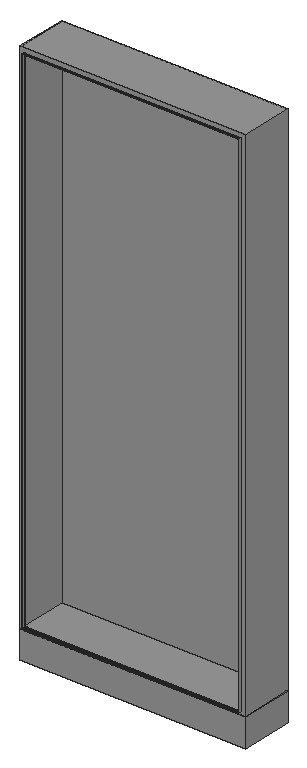
Revit family "Hager-Univers-IP30-D205-H1950-Cl.II-Encl-NoHosted-CH-it", category Electrical Equipment, Revit 2020
Family settings
  Panel Configuration = Two Columns, Circuits Across
  Round Connector Dimension = Use Diameter
  Part Type = Panelboard
  Work Plane-Based = Yes
  Always vertical = Yes
  Cut with Voids When Loaded = No
  Shared = No
  Room Calculation Point = No
Parameters (values of type "montaggio a pavimento IP30 L800 A1950 P205  - FP23S1N")
  Width Control [instance] = if([EF000008 - Larghezza] > Min Width, [EF000008 - Larghezza], Min Width)  # 800 mm
  Type Comments = [HG000003 - Gamma]  # "Univers"
  Thickness Door [instance] = if([EF009171 - spessore materiale porta/coperchio] > 3 mm, 3 mm, [EF009171 - spessore materiale porta/coperchio])  # 1 mm
  Seal Frame Offset [instance] = 17 mm  # constant formula
  Plinth Visibility [instance] = [HG000027 - Altezza dello zoccolo] > 0 mm  # yes
  Min Width [instance] = 100 mm  # constant formula
  Min Depth [instance] = (2 * [EF009170 - spessore materiale scatola]) + 1 mm  # 3 mm
  Min Height [instance] = 100 mm  # constant formula
  Internal Frame Depth [instance] = (Door System Depth * 0.5)  # 9 mm
  Panel Name [instance] = ""  # (empty or 0)
  Model = ""
  HG000027 - Altezza dello zoccolo = 100 mm
  HG000026 - A pavimento = yes
  HG000024 - Altezza della sezione inferiore = 600 mm
  HG000023 - Custodia a doppia sezione = no
  HG000016 - Visibilità delle porte nella vista 3D [instance] = yes
  HG000015 - Visibilità attraverso la porta [instance] = no
  HG000014 - Porta destra [instance] = yes
  HG000013 - Porta sinistra [instance] = not([HG000014 - Porta destra])  # no
  HG000012 - Angolo di apertura della porta [instance] = 30.00°
  HG000010 - Porte asimmetriche = no
  HG000009 - Porta doppia a battente = no
  HG000006 - Ad incasso = no
  HG000004 - Codice produttore = "FP23S1N"
  HG000003 - Gamma = "Univers"
  HG000002 - Con porta = no
  Frame Offset Bottom [instance] = 10 mm  # constant formula
  Frame Offset [instance] = 15 mm  # constant formula
  EF015940 - Coprire con rilascio di sovrapressione = no
  EF011959 - tipo di protezione (NEMA) = ""
  EF009554 - numero delle aperture per la piastra della flangia = 6
  EF009212 - esecuzione coperchio = "EV009916 - con taglio"
  EF009171 - spessore materiale porta/coperchio = 1 mm
  EF009170 - spessore materiale scatola = 1 mm
  EF008873 - corrente nominale (In) = 400 A
  EF007800 - adatto per parafulmine = no
  EF006306 - con serratura = no
  EF006244 - coperchio/porta trasparente = no
  EF005474 - grado di protezione (IP) = "EV006410 - IP30"
  EF004464 - tipo di porta = "EV000494 - senza"
  EF004427 - numero di moduli = 432
  EF004293 - resistenza agli urti = "EV006813 - IK07"
  EF003532 - adatto per uso esterno = no
  EF002950 - Numero moduli DIN = 36
  EF001613 - Integrità del circuito = "EV000494 - senza"
  EF001596 - Attacco Lampada = "EV000179 - acciaio"
  EF001131 - profondità interna = 130 mm
  EF001088 - possibilità di applicazione = yes
  EF000437 - numero di ingressi per conduttori = 6
  EF000339 - tipo di copertura = "EV000494 - senza"
  EF000266 - numero di file = 12
  EF000218 - profondità di incasso = 0 mm
  EF000118 - con piastra di montaggio = no
  EF000116 - numero RAL = "9010"
  EF000049 - profondità = 205 mm
  EF000040 - Altezza = 1950 mm
  EF000008 - Larghezza = 800 mm
  EF000007 - colore = "EV000202 - bianco"
  EF000003 - Tipo di montaggio = "EV012274 - montaggio a pavimento"
  Door System Leaf Tolerance [instance] = 1.5 mm  # constant formula
  Door System Depth [instance] = 18 mm  # constant formula
  Door Height [instance] = Height Control - [HG000027 - Altezza dello zoccolo]  # 1850 mm
  Description = ""
  Default Elevation = 1219.2 mm
  Connector Offset [instance] = Height Control / 2  # 975 mm
  Manufacturer = "Hager"  # constant formula
  Height Control [instance] = if([EF000040 - Altezza] > Min Height, [EF000040 - Altezza], Min Height)  # 1950 mm
  Depth Control [instance] = if([EF000049 - profondità] > Min Depth, [EF000049 - profondità], Min Depth)  # 205 mm
  Bottom Top Plate Trim [instance] = 1.5 mm  # constant formula
  Plinth height Ctrl [instance] = if([HG000027 - Altezza dello zoccolo] > 0 mm, [HG000027 - Altezza dello zoccolo], 12 mm)  # 100 mm
Types (5, lengths in mm): name | Width Control | HG000004 - Codice produttore | EF009554 - numero delle aperture per la piastra della flangia | EF008873 - corrente nominale (In) | EF004427 - numero di moduli | EF002950 - Numero moduli DIN | EF000437 - numero di ingressi per conduttori | EF000008 - Larghezza
  montaggio a pavimento IP30 L1050 A1950 P205  - FP24S1N | 1050 | "FP24S1N" | 8 | 400 A | 576 | 48 | 8 | 1050
  montaggio a pavimento IP30 L1300 A1950 P205  - FP25S1N | 1300 | "FP25S1N" | 10 | 400 A | 720 | 60 | 10 | 1300
  montaggio a pavimento IP30 L300 A1950 P205  - FP21S1N | 300 | "FP21S1N" | 2 | 250 A | 144 | 12 | 2 | 300
  montaggio a pavimento IP30 L550 A1950 P205  - FP22S1N | 550 | "FP22S1N" | 4 | 400 A | 288 | 24 | 4 | 550
  montaggio a pavimento IP30 L800 A1950 P205  - FP23S1N | 800 | "FP23S1N" | 6 | 400 A | 432 | 36 | 6 | 800
Reference planes
  plane 1 "Center (Front/Back)": y = 0
  plane 2: z = 0
  plane 3 "Center (Left/Right)": x = 0
  plane 4: y = 0
  plane 5: y = 0
  plane 6: z = 0
  plane 7: x = -400
  plane 8: x = 400
  plane 9: x = 399
  plane 10: x = -399
  plane 11: z = 100
  plane 12: z = 101
  plane 13: y = -205
  plane 14: y = -1
  plane 15: x = 0
  plane 16: y = -187
  plane 17: y = -204
  plane 18: y = -186
  plane 19: x = -384
  plane 20: x = 384
  plane 21: z = 111
  plane 22: x = -383
  plane 23: x = 383
  plane 24: z = 100
  plane 25: z = 1950
  plane 26: z = 1950
  plane 27: z = 1934
  plane 28: z = 1949
Forms (mm)
  Extrusion 1, solid, material "Hager_Steel_RAL7035_Light_Grey", detail levels medium+fine
    sketch origin (-208.679, -4572, 100) x (-1, 0, 0) y (0, -1, 0)
      loop
        line (191.321, -4385) -> (-608.679, -4385) -> (-608.679, -4572) -> (191.321, -4572) -> (191.321, -4385)
    from 0 to 1850
  Extrusion 2, void
    sketch origin (-350.771, -205, 1219.2) x (1, 0, 0) y (0, 0, 1)
      loop
        line (-48.229, 729.8) -> (-48.229, -1118.2) -> (749.771, -1118.2) -> (749.771, 729.8) -> (-48.229, 729.8)
    from -19 to -204
  Extrusion 3, void
    sketch origin (-290.084, -187, 1219.2) x (1, 0, 0) y (0, 0, 1)
      loop
        line (-93.916, -1108.2) -> (674.084, -1108.2) -> (674.084, 714.8) -> (-93.916, 714.8) -> (-93.916, -1108.2)
    from 0 to -1
  Extrusion 4, solid, material "Hager_Steel_RAL7035_Light_Grey", visible <- "Plinth Visibility", detail levels medium+fine
    sketch origin (0, 0, 0) x (1, 0, 0) y (0, 1, 0)
      loop
        line (-400, 0) -> (-400, -187) -> (400, -187) -> (400, 0) -> (-400, 0)
    from 0 to 100 <- "Plinth height Ctrl"
  Extrusion 5, solid, material "Hager_Steel_RAL7035_Light_Grey", detail levels coarse
    sketch origin (0, 0, 0) x (1, 0, 0) y (0, 1, 0)
      loop
        line (-400, 0) -> (-400, -205) -> (400, -205) -> (400, 0) -> (-400, 0)
    from 0 to 1950 <- "Height Control"
  Sweep 6, void
    path in 3D
      loop
        line (-400, -187, 100) -> (400, -187, 100) -> (400, 0, 100) -> (-400, 0, 100) -> (-400, -187, 100)
    profile origin (-400, -93.5, 100) x (1, 0, 0) y (0, 0, 1)
      loop
        line (0, 0) -> (0, -1.5) -> (1.5, -1.5)
        arc (1.5, -1.5) -> (1.061, -0.439) -> (0, 0) r 1.5
  Extrusion 7, solid, material "Hager_Steel_RAL7035_Light_Grey", detail levels fine
    sketch origin (-400, -187, 100) x (1, 0, 0) y (0, 0, 1)
      loop
        line (16, 11) -> (784, 11) -> (784, 1834) -> (16, 1834) -> (16, 11)
      loop
        line (15, 10) -> (785, 10) -> (785, 1835) -> (15, 1835) -> (15, 10)
    from 0 to 9 <- "Internal Frame Depth"
Cuts and joins
  Extrusion 2, Extrusion 3 cuts Extrusion 1
  Sweep 6 cuts Extrusion 4
Lines and regions (mm)
  Masking region 1
    outline origin (0, 0, 0) x (1, 0, 0) y (0, 1, 0)
      loop
        line (-400, 0) -> (-400, -205) -> (400, -205) -> (400, 0) -> (-400, 0)
  Masking region 2, detail levels coarse
    outline origin (-290.084, -187, 1219.2) x (-1, 0, 0) y (0, 0, 1)
      loop
        line (-690.084, -1219.2) -> (109.916, -1219.2) -> (109.916, 730.8) -> (-690.084, 730.8) -> (-690.084, -1219.2)
  Masking region 3, detail levels coarse
    outline origin (0, 0, 0) x (0, 1, 0) y (0, 0, 1)
      loop
        line (0, 0) -> (0, 1950) -> (-205, 1950) -> (-205, 0) -> (0, 0)
  Masking region 4, visible <- "Plinth Visibility", detail levels medium+fine
    outline origin (0, 0, 0) x (0, 1, 0) y (0, 0, 1)
      loop
        line (-1.5, 100) -> (-185.5, 100)
        arc (-185.5, 100) -> (-185.939, 98.939) -> (-187, 98.5) r 1.5
        line (-187, 98.5) -> (-187, 0) -> (0, 0) -> (0, 98.5)
        arc (0, 98.5) -> (-1.061, 98.939) -> (-1.5, 100) r 1.5
  Masking region 5, detail levels medium+fine
    outline origin (0, 0, 594.038) x (0, 1, 0) y (0, 0, 1)
      loop
        line (0, -494.038) -> (0, 1355.962) -> (-187, 1355.962) -> (-187, -494.038) -> (0, -494.038)
  Masking region 6, detail levels medium+fine
    outline origin (-359.7, -187, 1211.883) x (-1, 0, 0) y (0, 0, 1)
      loop
        line (-759.7, -1111.883) -> (40.3, -1111.883) -> (40.3, 738.117) -> (-759.7, 738.117) -> (-759.7, -1111.883)
  Masking region 7, visible <- "Plinth Visibility", detail levels medium+fine
    outline origin (-320.334, -187, 1041.368) x (-1, 0, 0) y (0, 0, 1)
      loop
        line (-720.334, -1041.368) -> (79.666, -1041.368) -> (79.666, -942.868)
        arc (79.666, -942.868) -> (78.606, -942.429) -> (78.166, -941.368) r 1.5
        line (78.166, -941.368) -> (-718.834, -941.368)
        arc (-718.834, -941.368) -> (-719.273, -942.429) -> (-720.334, -942.868) r 1.5
        line (-720.334, -942.868) -> (-720.334, -1041.368)
  sketch lines
    curve 1: line (-400, 0, 100) -> (-400, -187, 100)
    curve 2: line (-400, -187, 100) -> (400, -187, 100)
    curve 3: line (400, 0, 100) -> (-400, 0, 100)
    curve 4: line (400, -187, 100) -> (400, 0, 100)
Dimensions and locks
  locked: plane 1 "Center (Front/Back)" to plane 5
  "EF009170 - spessore materiale scatola": plane 7 to plane 10
  "EF009170 - spessore materiale scatola": plane 8 to plane 9
  equal spacing: plane 7, plane 3 "Center (Left/Right)", plane 8
  "Width Control": plane 7 to plane 8
  "Depth Control": plane 4 to plane 13
  "EF009170 - spessore materiale scatola": plane 4 to plane 14
  "Height Control": plane 25 to level
  "HG000027 - Altezza dello zoccolo": plane 11 to level
  "EF009170 - spessore materiale scatola": plane 12 to plane 11
  "EF009170 - spessore materiale scatola": plane 17 to plane 13
  "EF009170 - spessore materiale scatola": plane 18 to plane 16
  "Frame Offset Bottom": plane 21 to plane 12
  "Frame Offset": plane 10 to plane 19
  "Frame Offset": plane 9 to plane 20
  "Door System Depth": plane 16 to plane 13
  "Seal Frame Offset": plane 7 to plane 22
  "Seal Frame Offset": plane 8 to plane 23
  "EF009170 - spessore materiale scatola": plane 26 to plane 28
  "Frame Offset": plane 28 to plane 27
  "Connector Offset": plane 2 to connector elem
  "Bottom Top Plate Trim": profile plane to Sweep 6 sketch curve
  "Bottom Top Plate Trim": Sweep 6 sketch curve to Sweep 6 sketch curve
  "Plinth height Ctrl": Masking region 4 sketch curve to level
  "Plinth height Ctrl": Masking region 7 sketch curve to level
  "Thickness Door": Extrusion 7 sketch curve to Extrusion 7 sketch curve  (x4)
  "Bottom Top Plate Trim": radius of Sweep 6 sketch curve
  "Bottom Top Plate Trim": radius of Masking region 4 sketch curve  (x2)
  "Bottom Top Plate Trim": radius of Masking region 7 sketch curve  (x2)
  aligned and locked: Extrusion 2 sketch curve to plane 12
  aligned and locked: Extrusion 2 sketch curve to plane 9
  aligned and locked: Extrusion 2 sketch curve to plane 10
  aligned and locked: Extrusion 2 to plane 14
  aligned and locked: Extrusion 1 sketch curve to plane 4
  aligned and locked: plane 8 to Extrusion 1 sketch curve
  aligned and locked: plane 7 to Extrusion 1 sketch curve
  aligned and locked: Extrusion 2 to plane 18
  aligned and locked: Extrusion 3 sketch curve to plane 19
  aligned and locked: plane 20 to Extrusion 3 sketch curve
  aligned and locked: Extrusion 3 to Extrusion 2
  aligned and locked: Extrusion 3 sketch curve to plane 21
  aligned and locked: plane 3 "Center (Left/Right)" to nested 1
  aligned and locked: Extrusion 1 sketch curve to plane 16
  aligned and locked: Extrusion 4 sketch curve to cut or joined group of Extrusion 1, Extrusion 2, Extrusion 3
  aligned and locked: Masking region 1 sketch curve to plane 7
  aligned and locked: Masking region 1 sketch curve to plane 5
  aligned and locked: Masking region 1 sketch curve to plane 8
  aligned and locked: Masking region 2 sketch curve to level
  aligned and locked: level to Masking region 3 sketch curve
  aligned and locked: plane 1 "Center (Front/Back)" to Masking region 3 sketch curve
  aligned and locked: plane 13 to Masking region 3 sketch curve
  aligned and locked: plane 5 to Masking region 4 sketch curve
  aligned and locked: Masking region 2 sketch curve to plane 8
  aligned and locked: Masking region 2 sketch curve to plane 7
  aligned and locked: plane 7 to nested 2
  aligned and locked: nested 2 to plane 5
  aligned and locked: plane 5 to Masking region 5 sketch curve
  aligned and locked: plane 26 to Masking region 5 sketch curve
  aligned and locked: Extrusion 5 sketch curve to plane 8
  aligned and locked: Extrusion 5 sketch curve to plane 7
  aligned and locked: Extrusion 5 sketch curve to plane 5
  aligned and locked: Extrusion 3 sketch curve to plane 27
  aligned and locked: Extrusion 2 sketch curve to plane 28
  aligned and locked: Masking region 2 to plane 25
  aligned and locked: Extrusion 4 to plane 16
  aligned and locked: profile plane to Sweep 6 sketch curve
  aligned and locked: Masking region 5 sketch curve to plane 24
  aligned and locked: level to Masking region 4 sketch curve
  aligned and locked: Masking region 1 to plane 13
  aligned and locked: nested 1 to plane 16
  aligned and locked: Masking region 3 to plane 25
  aligned and locked: plane 16 to Masking region 4 sketch curve
  aligned and locked: Masking region 5 sketch curve to plane 16
  aligned and locked: plane 24 to plane 11
  aligned and locked: plane 26 to plane 25
  aligned and locked: plane 26 to cut or joined group of Extrusion 1, Extrusion 2, Extrusion 3
  aligned and locked: nested 1 to plane 24
  aligned and locked: Extrusion 1 to Extrusion 3
  aligned and locked: Masking region 6 sketch curve to plane 8
  aligned and locked: Masking region 6 sketch curve to plane 24
  aligned and locked: Masking region 6 sketch curve to plane 7
  aligned and locked: Masking region 6 sketch curve to plane 26
  aligned and locked: Masking region 7 sketch curve to plane 7
  aligned and locked: level to Masking region 7 sketch curve
  aligned and locked: Masking region 7 sketch curve to plane 8
  aligned and locked: Extrusion 7 sketch curve to cut or joined group of Extrusion 1, Extrusion 2, Extrusion 3  (x4)
Automatic sketch dimensions
  plane 19 to Extrusion 3 sketch curve = 0 mm
  Extrusion 3 sketch curve to plane 20 = 0 mm
  Extrusion 3 sketch curve to plane 21 = 0 mm
  Extrusion 4 sketch curve to plane 7 = 0 mm
  Extrusion 4 sketch curve to plane 8 = 0 mm
  Extrusion 4 sketch curve to plane 16 = 0 mm
  Masking region 1 sketch curve to plane 13 = 0 mm
  Masking region 2 sketch curve to plane 25 = 0 mm
  Masking region 3 sketch curve to plane 25 = 0 mm
  Extrusion 5 sketch curve to plane 13 = 0 mm
  profile plane to Sweep 6 sketch curve = 0 mm
Nested families
  nested 1: "EC000058_Univers_Door" at (0, -187, 100), Double <- "HG000009 - Porta doppia a battente", Transparent <- "EF006244 - coperchio/porta trasparente", Angle <- "HG000012 - Angolo di apertura della porta", Door_Right <- "HG000014 - Porta destra", Assymetrical <- "HG000010 - Porte asimmetriche", Door <- "HG000002 - Con porta", Width_Ctrl <- "Width Control", 3d_Door <- "HG000016 - Visibilità delle porte nella vista 3D", Clearance <- "HG000015 - Visibilità attraverso la porta", Door_Left <- "HG000013 - Porta sinistra", Width <- "Width Control", Door_Depth <- "Door System Depth", Leaf_Tolerance <- "Door System Leaf Tolerance", Height <- "Door Height", Lock_Visibility <- "EF006306 - con serratura", Thickness <- "Thickness Door", type "EC000058_Univers_Door", detail levels medium+fine
    with min_wh 3 mm, Width_Ctrl 800 mm, Width 800 mm, Transparent no, Thickness 1 mm, Seal_Material Hager_Rubber, Lock_Visibility no, Lock_Material Hager_Plastic_RAL9005_Jet_Black, Leaf_Width 800 mm, Leaf_Tolerance_External_Sides 0 mm, Leaf_Tolerance 1.5 mm, Leaf_Offset 0 mm, Leaf_Height 1847 mm, Leaf_2_Width 800 mm, Leaf_2_Offset 400 mm, Leaf_1_Width 800 mm, Leaf_1_Offset 400 mm, Height_Ctrl 1850 mm, Height 1850 mm, Glass_Material Hager_Glass, Double_Clearance_Ctrl no, Double no, Door_Right_Ctrl no, Door_Right yes, Door_Material Hager_Steel_RAL7035_Light_Grey, Door_Left_Ctrl no, Door_Left no, Door_Depth 18 mm, Door no, Clearance_Material Hager_Clearance, Clearance_Depth 800 mm, Clearance_Ctrl no, Clearance no, Assymetrical no, Angle 30.00°, 3d_Door yes
  nested 2: "Hager_Enclosure_Symbol" at (-400, 0, 0), Height <- "Depth Control", Width <- "Width Control", type "Hager_Enclosure_Symbol"
    with Width_Ctrl 800 mm, Width 800 mm, Height_Ctrl 205 mm, Height 205 mm, A_Width_Int 13.453 mm, A_Width 161.438 mm, A_Height_Ctrl 179.375 mm, A_Height 179.375 mm
Connectors
  electrical at (0, 0, 975)
    settings: on plane 1 "Center (Front/Back)", index 1, voltage 0 V, apparent load 0 VA, apparent load phase1 0 VA, apparent load phase2 0 VA, apparent load phase3 0 VA, power factor 1, load classification "Other", number of poles 1, system type 30, power factor state 1, is connector primary yes, connector utility no, sub classification motor no, connector description ""
Definition of nested family "EC000058_Univers_Door"
  Parameters (values of type "EC000058_Univers_Door")
    min_wh [instance] = (2 * Thickness) + 1 mm  # 11 mm
    Width_Ctrl [instance] = 400 mm
    Width [instance] = 500 mm
    Transparent [instance] = yes
    Thickness [instance] = 5 mm
    Seal_Material [instance] = none
    Lock_Visibility [instance] = yes
    Lock_Material [instance] = none
    Leaf_Width [instance] = if((Width_Ctrl - 2 * Leaf_Tolerance_External_Sides) > 0 mm, (Width_Ctrl - 2 * Leaf_Tolerance_External_Sides), min_wh)  # 400 mm
    Leaf_Tolerance_External_Sides [instance] = 0 mm  # constant formula
    Leaf_Tolerance [instance] = 1.5 mm
    Leaf_Offset [instance] = 0 mm  # constant formula
    Leaf_Height [instance] = if((Height_Ctrl - 2 * Leaf_Tolerance) > 0 mm, (Height_Ctrl - 2 * Leaf_Tolerance), min_wh)  # 497 mm
    Leaf_2_Width [instance] = if(and(and(Double, Assymetrical), Door_Left), (Leaf_Width / 3) - (Leaf_Tolerance / 2), if(and(and(Double, Assymetrical), Door_Right), (Leaf_Width / 3) * 2 - (Leaf_Tolerance / 2), if(and(Double, not(Assymetrical)), (Leaf_Width / 2) - Leaf_Tolerance, Leaf_Width)))  # 400 mm
    Leaf_2_Offset [instance] = if(and(Double, Assymetrical), Leaf_2_Width / 2, if(and(Double, not(Assymetrical)), Leaf_Width / 4, Leaf_Width / 2))  # 200 mm
    Leaf_1_Width [instance] = if(and(and(Double, Assymetrical), Door_Right), (Leaf_Width / 3) - (Leaf_Tolerance / 2), if(and(and(Double, Assymetrical), Door_Left), (Width / 3) * 2 - (Leaf_Tolerance / 2), if(and(Double, not(Assymetrical)), (Leaf_Width / 2) - Leaf_Tolerance, Leaf_Width)))  # 400 mm
    Leaf_1_Offset [instance] = if(and(Double, Assymetrical), Leaf_1_Width / 2, if(and(Double, not(Assymetrical)), Leaf_Width / 4, Leaf_Width / 2))  # 200 mm
    Height_Ctrl [instance] = if(Height > min_wh, Height, min_wh)  # 500 mm
    Height [instance] = 500 mm
    Glass_Material [instance] = none
    Double_Clearance_Ctrl [instance] = and(Double, Clearance)  # no
    Double [instance] = no
    Door_Right_Ctrl [instance] = and(or(Door_Right, Double), Door)  # yes
    Door_Right [instance] = yes
    Door_Material [instance] = none
    Door_Left_Ctrl [instance] = and(or(Door_Left, Double), Door)  # no
    Door_Left [instance] = no
    Door_Depth [instance] = 30 mm
    Door [instance] = yes
    Default Elevation = 1219.2 mm
    Clearance_Material [instance] = none
    Clearance_Depth [instance] = if(Leaf_1_Width > Leaf_2_Width, Leaf_1_Width, Leaf_2_Width)  # 400 mm
    Clearance_Ctrl [instance] = and(not(Double), Clearance)  # yes
    Clearance [instance] = yes
    Assymetrical [instance] = yes
    Angle [instance] = 30.00°
    3d_Door [instance] = yes
  Reference planes
    plane 1 "Center (Front/Back)": y = 0
    plane 2 "Bottom": z = 0
    plane 3 "Center (Left/Right)": x = 0
    plane 4: z = 500
    plane 5: x = -200
    plane 6: x = 200
    plane 7: z = 500
    plane 8: x = -200
    plane 9: z = 0
    plane 10: x = 200
    plane 11: y = 0
    plane 12: z = 1.5
    plane 13: x = -600
    plane 14: y = -400
    plane 15: x = 600
    plane 16: x = 0
    plane 17: x = 0
    plane 18: x = -200
    plane 19: x = 200
    plane 20: z = 498.5
  Forms (mm)
    Extrusion 1, solid, material <- "Clearance_Material", visible <- "Double_Clearance_Ctrl"
      sketch origin (1200, 0, 0) x (1, 0, 0) y (0, 0, -1)
        loop
          line (-1800, -498.5) -> (-600, -498.5) -> (-600, 0) -> (-1800, 0) -> (-1800, -498.5)
      from 0 to -400
  Dimensions and locks
    equal spacing: plane 5, plane 3 "Center (Left/Right)", plane 6
    "Width_Ctrl": plane 5 to plane 6
    "Leaf_Offset": plane 5 to plane 8
    "Leaf_Offset": plane 6 to plane 10
    "Leaf_Offset": plane 9 to level
    "Leaf_Offset": plane 4 to plane 7
    "Height_Ctrl": plane 4 to level
    "Leaf_Tolerance": plane 12 to plane 9
    locked: plane 11 to plane 1 "Center (Front/Back)"
    "Leaf_1_Offset": plane 18 to plane 16
    "Leaf_2_Offset": plane 17 to plane 19
    "Leaf_1_Width": plane 13 to plane 8
    "Leaf_2_Width": plane 10 to plane 15
    "Clearance_Depth": plane 14 to plane 1 "Center (Front/Back)"
    "Leaf_Tolerance_External_Sides": plane 8 to plane 18
    "Leaf_Tolerance_External_Sides": plane 19 to plane 10
    "Leaf_Tolerance": plane 7 to plane 20
    aligned and locked: level to plane 2 "Bottom"
    aligned and locked: nested 1 to plane 16
    aligned and locked: nested 2 to plane 17
    aligned and locked: Extrusion 1 to plane 13
    aligned and locked: plane 15 to Extrusion 1
    aligned and locked: Extrusion 1 to plane 14
    aligned and locked: plane 12 to nested 1
    aligned and locked: nested 2 to plane 12
    aligned and locked: Extrusion 1 to plane 11
    aligned and locked: plane 20 to Extrusion 1
    aligned and locked: nested 2 to plane 11
    aligned and locked: nested 1 to plane 11
  Automatic sketch dimensions
    Extrusion 1 sketch curve to level = 0 mm
    plane 5 to Extrusion 1 sketch curve = 400 mm
    plane 6 to Extrusion 1 sketch curve = 400 mm
    Extrusion 1 sketch curve to plane 4 = 1.5 mm
  Nested families
    nested 1: "EC000058_Univers_Door_Leaf" at (0, 0, 1.5), Width <- "Leaf_1_Width", visible <- "Door_Left_Ctrl", Leaf_Height <- "Leaf_Height", Angle <- "Angle", 3d_Door <- "3d_Door", Transparent <- "Transparent", Clearance Material <- "Clearance_Material", Clearance <- "Clearance_Ctrl", Door_Material <- "Door_Material", Glass_Material <- "Glass_Material", Door_Depth <- "Door_Depth", Lock_Material <- "Lock_Material", Seal_Material <- "Seal_Material", Lock_Visibility <- "Lock_Visibility", Thickness <- "Thickness", type "EC000058_Univers_Door_Leaf"
      with Width 400 mm, Transparent_Glass_Offset 30 mm, Transparent_Ctrl yes, Transparent yes, Thickness 5 mm, Standard no, Seal_Material none, Seal_D2 8 mm, Seal_D1 1 mm, Offset_Internal_Frame 10 mm, Lock_Width 20 mm, Lock_Visibility_3d yes, Lock_Visibility yes, Lock_Thickness_3 3 mm, Lock_Thickness_2 1 mm, Lock_Thickness_1 3 mm, Lock_Radius_Offset_2 16 mm, Lock_Radius_Offset_1 15 mm, Lock_Radius_2 5 mm, Lock_Radius 6 mm, Lock_Offset 5 mm, Lock_Material none, Lock_Height 80 mm, Lock_Cover_Top_Offset_2d 17 mm, Lock_Cover_Height -65 mm, Leaf_Height 497 mm, Internal_Seal_Thickness 8 mm, Internal_Seal_Depth_2 4.5 mm, Internal_Frame_Depth 25 mm, Glass_Thickness -1 mm, Glass_Offset -2 mm, Glass_Material none, Door_Material none, Door_Depth 30 mm, Clearance Material none, Clearance yes, Angle_Ctrl 30.00°, Angle 30.00°, 3d_Door yes
    nested 2: "EC000058_Univers_Door_Leaf" at (0, 0, 1.5) x (-1, 0, 0) z (0, 0, 1), Width <- "Leaf_2_Width", visible <- "Door_Right_Ctrl", Leaf_Height <- "Leaf_Height", Angle <- "Angle", 3d_Door <- "3d_Door", Transparent <- "Transparent", Clearance Material <- "Clearance_Material", Clearance <- "Clearance_Ctrl", Door_Material <- "Door_Material", Glass_Material <- "Glass_Material", Door_Depth <- "Door_Depth", Lock_Material <- "Lock_Material", Seal_Material <- "Seal_Material", Lock_Visibility <- "Lock_Visibility", Thickness <- "Thickness", type "EC000058_Univers_Door_Leaf"
      with Width 400 mm, Transparent_Glass_Offset 30 mm, Transparent_Ctrl yes, Transparent yes, Thickness 5 mm, Standard no, Seal_Material none, Seal_D2 8 mm, Seal_D1 1 mm, Offset_Internal_Frame 10 mm, Lock_Width 20 mm, Lock_Visibility_3d yes, Lock_Visibility yes, Lock_Thickness_3 3 mm, Lock_Thickness_2 1 mm, Lock_Thickness_1 3 mm, Lock_Radius_Offset_2 16 mm, Lock_Radius_Offset_1 15 mm, Lock_Radius_2 5 mm, Lock_Radius 6 mm, Lock_Offset 5 mm, Lock_Material none, Lock_Height 80 mm, Lock_Cover_Top_Offset_2d 17 mm, Lock_Cover_Height -65 mm, Leaf_Height 497 mm, Internal_Seal_Thickness 8 mm, Internal_Seal_Depth_2 4.5 mm, Internal_Frame_Depth 25 mm, Glass_Thickness -1 mm, Glass_Offset -2 mm, Glass_Material none, Door_Material none, Door_Depth 30 mm, Clearance Material none, Clearance yes, Angle_Ctrl 30.00°, Angle 30.00°, 3d_Door yes
  Definition of nested family "EC000058_Univers_Door_Leaf"
    Parameters (values of type "EC000058_Univers_Door_Leaf")
      Width [instance] = 2000 mm
      Transparent_Glass_Offset [instance] = 30 mm
      Transparent_Ctrl [instance] = and(Transparent, [3d_Door])  # yes
      Transparent [instance] = yes
      Thickness [instance] = 5 mm
      Standard [instance] = and(not(Transparent), [3d_Door])  # no
      Seal_Material [instance] = none
      Seal_D2 [instance] = 8 mm  # constant formula
      Seal_D1 [instance] = 1 mm  # constant formula
      Offset_Internal_Frame [instance] = 10 mm  # constant formula
      Lock_Width [instance] = 20 mm  # constant formula
      Lock_Visibility_3d [instance] = and(Lock_Visibility, [3d_Door])  # yes
      Lock_Visibility [instance] = yes
      Lock_Thickness_3 [instance] = 3 mm  # constant formula
      Lock_Thickness_2 [instance] = 1 mm  # constant formula
      Lock_Thickness_1 [instance] = 3 mm  # constant formula
      Lock_Radius_Offset_2 [instance] = Lock_Radius_Offset_1 + 1 mm  # 16 mm
      Lock_Radius_Offset_1 [instance] = 15 mm  # constant formula
      Lock_Radius_2 [instance] = Lock_Radius - 1 mm  # 5 mm
      Lock_Radius [instance] = 6 mm  # constant formula
      Lock_Offset [instance] = 5 mm  # constant formula
      Lock_Material [instance] = none
      Lock_Height [instance] = 80 mm  # constant formula
      Lock_Cover_Top_Offset_2d [instance] = Lock_Radius_Offset_2 + 1 mm  # 17 mm
      Lock_Cover_Height [instance] = -(Lock_Height - Lock_Radius_Offset_1)  # -65 mm
      Leaf_Height [instance] = 2720.336 mm
      Internal_Seal_Thickness [instance] = 8 mm  # constant formula
      Internal_Seal_Depth_2 [instance] = 4.5 mm  # constant formula
      Internal_Frame_Depth [instance] = if(Door_Depth - Thickness > 5 mm, Door_Depth - Thickness, 5 mm)  # 25 mm
      Glass_Thickness [instance] = if(Thickness > 15 mm, Glass_Offset + 10 mm, -1 mm)  # -1 mm
      Glass_Offset [instance] = if(Thickness > 15 mm, -(Thickness + 10 mm) / 2, -2 mm)  # -2 mm
      Glass_Material [instance] = none
      Door_Material [instance] = none
      Door_Depth [instance] = 30 mm
      Default Elevation = 0 mm
      Clearance Material [instance] = none
      Clearance [instance] = yes
      Angle_Ctrl [instance] = if(Angle > 180.00°, 180.00°, Angle)  # 90.00°
      Angle [instance] = 90.00°
      3d_Door [instance] = yes
    Reference planes
      plane 1 "Center (Front/Back)": y = 0
      plane 2: z = 0
      plane 3 "Center (Left/Right)": x = 0
      plane 4: y = 2000
      plane 5: x = -1000
      plane 6: x = 1000
      plane 7: x = -3000
      plane 8: z = 2720.336
      plane 9: z = 30
      plane 10: z = 2690.336
      plane 11: x = 970
      plane 12: x = -970
      plane 13: y = -3
      plane 14: z = 107.833
      plane 15: y = -5
      plane 16: y = -223.314
      plane 17: x = -1000
      plane 18: z = 1360.168
      plane 19: y = 30
    Forms (mm)
      Extrusion 1, solid, material <- "Clearance Material", visible <- "Clearance"
        sketch origin (0, 0, 0) x (1, 0, 0) y (0, 0, 1)
          loop
            line (-3000, 2720.336) -> (-3000, 0) -> (1000, 0) -> (1000, 2720.336) -> (-3000, 2720.336)
        from 0 to -2000
      Extrusion 2, solid, material <- "Door_Material", visible <- "Standard", detail levels medium+fine
        sketch origin (-1000, 0, 0) x (0, 1, 0) y (-1, 0, 0)
          loop
            line (0, 30) -> (0, 25) -> (2000, 25) -> (2000, 30) -> (0, 30)
        from 0 to 2720.336 <- "Leaf_Height"
      Extrusion 3, solid, material <- "Door_Material", visible <- "Transparent_Ctrl", detail levels medium+fine
        sketch origin (-1000, 0, 0) x (0, 1, 0) y (-1, 0, 0)
          loop
            line (0, 25) -> (2000, 25) -> (2000, 30) -> (0, 30) -> (0, 25)
        from 0 to 2720.336 <- "Leaf_Height"
      Extrusion 4, void
        sketch origin (-1025, 2000, 0) x (0, 1, 0) y (0, 0, -1)
          loop
            line (-30, -2690.336) -> (-30, -30) -> (-1970, -30) -> (-1970, -2690.336) -> (-30, -2690.336)
        from 0 to 5 <- "Thickness"
      Sweep 5, solid, material <- "Seal_Material", visible <- "Transparent_Ctrl", detail levels fine
        path in 3D
          loop
            line (-1025, 30, 30) -> (-1025, 30, 2690.336) -> (-1025, 1970, 2690.336) -> (-1025, 1970, 30) -> (-1025, 30, 30)
        profile origin (-1025, 1000, 30) x (1, 0, 0) y (0, 0, 1)
          loop
            line (0, 0) -> (0, -8) -> (1, -8) -> (1, 0) -> (0, 0)
      Extrusion 6, solid, material <- "Glass_Material", visible <- "Transparent_Ctrl", detail levels medium+fine
        sketch origin (-1030, 0, 0) x (0, 1, 0) y (0, 0, -1)
          loop
            line (1970, -2690.336) -> (1970, -30) -> (30, -30) -> (30, -2690.336) -> (1970, -2690.336)
        from -2 <- "Glass_Offset" to -1 <- "Glass_Thickness"
      Extrusion 7, solid, material <- "Door_Material", visible <- "3d_Door", detail levels medium+fine
        sketch origin (-1025, 2000, 0) x (0, -1, 0) y (0, 0, -1)
          loop
            line (0, -2720.336) -> (2000, -2720.336) -> (2000, 0) -> (0, 0) -> (0, -2720.336)
          loop
            line (1995, -5) -> (5, -5) -> (5, -2715.336) -> (1995, -2715.336) -> (1995, -5)
        from 0 to 25 <- "Internal_Frame_Depth"
      Sweep 8, solid, material <- "Seal_Material", visible <- "Transparent_Ctrl", detail levels fine
        path in 3D
          loop
            line (-1025, 0, 0) -> (-1025, 2000, 0) -> (-1025, 2000, 2720.336) -> (-1025, 0, 2720.336) -> (-1025, 0, 0)
        profile origin (-1025, 0, 1360.168) x (1, 0, 0) y (0, 1, 0)
          loop
            line (0, 10) -> (2.975, 10)
            arc (2.975, 10) -> (4.053, 10.447) -> (4.5, 11.525) r 1.525
            line (4.5, 11.525) -> (4.5, 16.527)
            arc (4.5, 16.527) -> (4.069, 17.569) -> (3.027, 18) r 1.473
            line (3.027, 18) -> (0, 18) -> (0, 10)
      Extrusion 9, solid, material <- "Lock_Material", visible <- "Lock_Visibility_3d", detail levels fine
        sketch origin (-1030, 0, 0) x (0, 1, 0) y (0, 0, -1)
          loop
            arc (1993.5, -1400.168) -> (1994.561, -1399.729) -> (1995, -1398.668) r 1.5
            line (1995, -1398.668) -> (1995, -1320.168) -> (1975, -1320.168) -> (1975, -1398.668)
            arc (1975, -1398.668) -> (1975.439, -1399.729) -> (1976.5, -1400.168) r 1.5
            line (1976.5, -1400.168) -> (1993.5, -1400.168)
        from 3 <- "Lock_Thickness_1" to 0
      Blend 10, solid, material <- "Lock_Material", visible <- "Lock_Visibility_3d", detail levels fine
        base sketch origin (-1033, 0, 0) x (0, 1, 0) y (0, 0, -1)
          loop
            line (1975, -1320.168) -> (1975, -1398.668)
            arc (1975, -1398.668) -> (1975.439, -1399.729) -> (1976.5, -1400.168) r 1.5
            line (1976.5, -1400.168) -> (1993.5, -1400.168)
            arc (1993.5, -1400.168) -> (1994.561, -1399.729) -> (1995, -1398.668) r 1.5
            line (1995, -1398.668) -> (1995, -1320.168) -> (1975, -1320.168)
        top sketch origin (-1033, 0, 0) x (0, 1, 0) y (0, 0, -1)
          loop
            line (1976, -1320.168) -> (1976, -1398.668)
            arc (1976, -1398.668) -> (1976.146, -1399.022) -> (1976.5, -1399.168) r 0.5
            line (1976.5, -1399.168) -> (1993.5, -1399.168)
            arc (1993.5, -1399.168) -> (1993.854, -1399.022) -> (1994, -1398.668) r 0.5
            line (1994, -1398.668) -> (1994, -1320.168) -> (1976, -1320.168)
        from 0 to 1 <- "Lock_Thickness_2"
      Blend 11, solid, material <- "Lock_Material", visible <- "Lock_Visibility_3d", detail levels fine
        base sketch origin (-1034, 0, 0) x (0, 1, 0) y (0, 0, -1)
          loop
            line (1978, -1320.168) -> (1978, -1384.168)
            arc (1978, -1384.168) -> (1985, -1391.168) -> (1992, -1384.168) r 7
            line (1992, -1384.168) -> (1992, -1320.168) -> (1978, -1320.168)
        top sketch origin (-1034, 0, 0) x (0, 1, 0) y (0, 0, -1)
          loop
            line (1991, -1320.168) -> (1979, -1320.168) -> (1979, -1383.168)
            arc (1979, -1383.168) -> (1985, -1389.168) -> (1991, -1383.168) r 6
            line (1991, -1383.168) -> (1991, -1320.168)
        from 0 to 3 <- "Lock_Thickness_3"
      Extrusion 12, solid, material <- "Lock_Material", visible <- "Lock_Visibility_3d", detail levels fine
        sketch origin (-1030, 1975, 1320.168) x (1, 0, 0) y (0, -1, 0)
          loop
            line (-7, -19) -> (-7, -1) -> (0, -1) -> (0, 0) -> (-8, 0) -> (-8, -20) -> (0, -20) -> (0, -19) -> (-7, -19)
        from 0 to -65 <- "Lock_Cover_Height"
      Extrusion 13, void
        sketch origin (-1038, 1995, 1320.168) x (-1, 0, 0) y (0, 0, -1)
          loop
            line (-5, -65) -> (0, -65) -> (-5, -60) -> (-5, -65)
        from 0 to 20 <- "Lock_Width"
      Extrusion 14, void
        sketch origin (-1038, 1975, 1320.168) x (0, -1, 0) y (0, 0, -1)
          loop
            circle (-10, -15.995) r 6
          loop
            circle (-10, -15.995) r 5
        from 0 to 2
      Extrusion 15, solid, material <- "Lock_Material", visible <- "Lock_Visibility_3d", detail levels medium
        sketch origin (-1030, 0, 0) x (0, 1, 0) y (0, 0, -1)
          loop
            arc (1993.5, -1400.168) -> (1994.561, -1399.729) -> (1995, -1398.668) r 1.5
            line (1995, -1398.668) -> (1995, -1320.168) -> (1975, -1320.168) -> (1975, -1398.668)
            arc (1975, -1398.668) -> (1975.439, -1399.729) -> (1976.5, -1400.168) r 1.5
            line (1976.5, -1400.168) -> (1993.5, -1400.168)
        from 8 to 0
    Cuts and joins
      Extrusion 4 cuts Extrusion 3
      Extrusion 13, Extrusion 14 cuts Extrusion 9
      Extrusion 14 cuts Blend 11
      Extrusion 13, Extrusion 14 cuts Extrusion 12
      joined: Extrusion 9, Blend 10, Blend 11, Extrusion 12
      Extrusion 14 cuts Extrusion 15
    Lines and regions (mm)
      Masking region 1, visible <- "Lock_Visibility", detail levels fine
        outline origin (0, 0, 0) x (0, 1, 0) y (0, 0, 1)
          loop
            line (30, 1320.168) -> (33, 1320.168) -> (33, 1400.168) -> (30, 1400.168) -> (30, 1320.168)
      Masking region 2, visible <- "Lock_Visibility", detail levels fine
        outline origin (0, 3.143, 0) x (0, 1, 0) y (0, 0, 1)
          loop
            line (29.857, 1354.168) -> (30.857, 1354.168) -> (30.857, 1366.168) -> (29.857, 1366.168) -> (29.857, 1354.168)
      Masking region 3, detail levels medium+fine
        outline origin (0, 0, 0) x (0, 1, 0) y (0, 0, 1)
          loop
            line (0, 0) -> (30, 0) -> (30, 2720.336) -> (0, 2720.336) -> (0, 0)
      Masking region 4, detail levels medium+fine
        outline origin (0, 0, 0) x (1, 0, 0) y (0, 0, 1)
          loop
            line (-1000, 2720.336) -> (-1000, 0) -> (1000, 0) -> (1000, 2720.336) -> (-1000, 2720.336)
      Masking region 5, visible <- "Lock_Visibility", detail levels fine
        outline origin (-47.116, 0, 0) x (1, 0, 0) y (0, 0, 1)
          loop
            arc (1024.616, 1399.168) -> (1023.556, 1398.729) -> (1023.116, 1397.668) r 1.5
            line (1023.116, 1397.668) -> (1023.116, 1320.168) -> (1041.116, 1320.168) -> (1041.116, 1397.668)
            arc (1041.116, 1397.668) -> (1040.677, 1398.729) -> (1039.616, 1399.168) r 1.5
            line (1039.616, 1399.168) -> (1024.616, 1399.168)
      Masking region 6, visible <- "Lock_Visibility", detail levels medium+fine
        outline origin (-25, 0, 0) x (1, 0, 0) y (0, 0, 1)
          loop
            arc (1001.5, 1400.168) -> (1000.439, 1399.729) -> (1000, 1398.668) r 1.5
            line (1000, 1398.668) -> (1000, 1320.168) -> (1020, 1320.168) -> (1020, 1398.668)
            arc (1020, 1398.668) -> (1019.561, 1399.729) -> (1018.5, 1400.168) r 1.5
            line (1018.5, 1400.168) -> (1001.5, 1400.168)
      Masking region 7, visible <- "Lock_Visibility", detail levels fine
        outline origin (-73.735, 0, 0) x (1, 0, 0) y (0, 0, 1)
          loop
            line (1051.735, 1382.168) -> (1065.735, 1382.168) -> (1065.735, 1384.168)
            arc (1065.735, 1384.168) -> (1058.735, 1391.168) -> (1051.735, 1384.168) r 7
            line (1051.735, 1384.168) -> (1051.735, 1382.168)
      Masking region 8, visible <- "Lock_Visibility", detail levels fine
        outline origin (-73.735, 0, 0) x (1, 0, 0) y (0, 0, 1)
          loop
            line (1052.735, 1382.168) -> (1064.735, 1382.168) -> (1064.735, 1383.168)
            arc (1064.735, 1383.168) -> (1058.735, 1389.168) -> (1052.735, 1383.168) r 6
            line (1052.735, 1383.168) -> (1052.735, 1382.168)
      Masking region 9, visible <- "Lock_Visibility", detail levels fine
        outline origin (-25, 0, 0) x (1, 0, 0) y (0, 0, 1)
          loop
            line (1020, 1320.168) -> (1020, 1382.168) -> (1000, 1382.168) -> (1000, 1320.168) -> (1020, 1320.168)
      Masking region 10, detail levels medium+fine
        outline origin (0, 0, 0) x (1, 0, 0) y (0, 0, 1)
          loop
            circle (985, 1335.144) r 6
      Masking region 11, detail levels fine
        outline origin (0, 0, 0) x (1, 0, 0) y (0, 0, 1)
          loop
            circle (985, 1335.144) r 5
      Masking region 12, visible <- "Lock_Visibility", detail levels fine
        outline origin (0, 12.767, 0) x (0, 1, 0) y (0, 0, 1)
          loop
            line (20.233, 1320.168) -> (21.233, 1320.168) -> (21.233, 1399.168) -> (20.233, 1400.168) -> (20.233, 1320.168)
      Masking region 13, visible <- "Lock_Visibility", detail levels fine
        outline origin (0, 13.767, -10) x (0, 1, 0) y (0, 0, 1)
          loop
            line (20.233, 1330.168) -> (23.233, 1330.168) -> (23.233, 1399.168) -> (20.233, 1402.168) -> (20.233, 1330.168)
      Masking region 14, visible <- "Lock_Visibility", detail levels fine
        outline origin (0, 12.767, -10) x (0, 1, 0) y (0, 0, 1)
          loop
            line (20.233, 1330.168) -> (25.233, 1330.168) -> (25.233, 1399.305) -> (20.233, 1394.305) -> (20.233, 1330.168)
      Masking region 15, visible <- "Lock_Visibility", detail levels medium
        outline origin (0, 0, 0) x (0, 1, 0) y (0, 0, 1)
          loop
            line (30, 1320.168) -> (38, 1320.168) -> (38, 1400.168) -> (30, 1400.168) -> (30, 1320.168)
      Masking region 16, visible <- "Lock_Visibility", detail levels fine
        outline origin (-1000, 0, 0) x (0, 1, 0) y (-1, 0, 0)
          loop
            line (1975, 30) -> (1995, 30) -> (1995, 38) -> (1975, 38) -> (1975, 30)
          loop
            line (1979, 37) -> (1976, 37) -> (1976, 34) -> (1978, 34) -> (1979, 37)
          loop
            line (1994, 37) -> (1991, 37) -> (1992, 34) -> (1994, 34) -> (1994, 37)
      Masking region 17, visible <- "Lock_Visibility", detail levels medium
        outline origin (-1000, 0, 0) x (0, 1, 0) y (-1, 0, 0)
          loop
            line (1975, 30) -> (1995, 30) -> (1995, 38) -> (1975, 38) -> (1975, 30)
      symbolic lines
        curve 1: line (1000, 0, 0) -> (-3000, 0, 0)
        curve 2: arc (1000, 0, 0) -> (-1000, 2000, 0) -> (-3000, 0, 0) r 2000
        curve 4: line (-1030, 0, 0) -> (-1030, 2000, 0)
      reference lines
        curve 3: line (-1000, 0, 0) -> (-1000, 2000, 0)
      symbolic lines, detail levels medium+fine
        curve 5: line (-1030, 2000, 0) -> (-1025, 2000, 0)
        curve 7: line (-1025, 0, 0) -> (-1030, 0, 0)
        curve 8: line (-1025, 0, 0) -> (-1000, 0, 0)
        curve 9: line (-1000, 0, 0) -> (-1000, 2000, 0)
        curve 10: line (-1000, 2000, 0) -> (-1025, 2000, 0)
      symbolic lines, detail levels fine
        curve 6: line (-1025, 2000, 0) -> (-1025, 0, 0)
      sketch lines
        curve 11: line (-1025, 0, 2720.336) -> (-1025, 0, 0)
        curve 12: line (-1025, 2000, 0) -> (-1025, 0, 0)
        curve 13: line (-1025, 2000, 2720.336) -> (-1025, 2000, 0)
        curve 14: line (-1025, 0, 2720.336) -> (-1025, 2000, 2720.336)
        curve 15: line (-1025, 1970, 30) -> (-1025, 30, 30)
        curve 16: line (-1025, 30, 30) -> (-1025, 30, 2690.336)
        curve 17: line (-1025, 1970, 2690.336) -> (-1025, 1970, 30)
        curve 18: line (-1025, 30, 2690.336) -> (-1025, 1970, 2690.336)
      symbolic lines, visible <- "Transparent", detail levels medium+fine
        curve 19: line (-970, 0, 2690.336) -> (970, 0, 2690.336)
        curve 20: line (-970, 0, 30) -> (-970, 0, 2690.336)
        curve 21: line (970, 0, 30) -> (-970, 0, 30)
        curve 22: line (970, 0, 2690.336) -> (970, 0, 30)
    Dimensions and locks
      "Width": plane 1 "Center (Front/Back)" to plane 4
      equal spacing: plane 5, plane 3 "Center (Left/Right)", plane 6
      "Width": plane 5 to plane 6
      "Width": plane 7 to plane 5
      "Leaf_Height": plane 8 to level
      "Width": curve 5 to curve 3
      "Width": curve 3 to curve 3
      plane 8 to plane 10 = 30 mm
      plane 9 to level = 30 mm
      plane 12 to plane 5 = 30 mm
      plane 6 to plane 11 = 30 mm
      Extrusion 1 to Extrusion 4 sketch curve = 30 mm
      "Transparent_Glass_Offset": curve 3 to Extrusion 4 sketch curve
      "Transparent_Glass_Offset": Extrusion 4 sketch curve to cut or joined group of Extrusion 3, Extrusion 4  (x2)
      cut or joined group of Extrusion 3, Extrusion 4 to Extrusion 6 sketch curve = 30 mm
      "Transparent_Glass_Offset": cut or joined group of Extrusion 3, Extrusion 4 to Extrusion 4 sketch curve
      "Thickness": curve 6 to curve 4
      "Thickness": Extrusion 7 sketch curve to Extrusion 7 sketch curve  (x4)
      "Door_Depth": curve 4 to curve 3
      "Offset_Internal_Frame": profile plane to Sweep 8 sketch curve
      "Internal_Seal_Thickness": Sweep 8 sketch curve to Sweep 8 sketch curve
      "Internal_Seal_Depth_2": profile plane to Sweep 8 sketch curve
      "Seal_D1": profile plane to Sweep 5 sketch curve
      "Seal_D2": profile plane to Sweep 5 sketch curve
      "Thickness": Extrusion 2 sketch curve to Extrusion 2 sketch curve
      equal spacing: Extrusion 9 sketch curve, plane 18, Extrusion 9 sketch curve  (x2)
      equal spacing: Masking region 1 sketch curve, plane 18, Masking region 1 sketch curve
      "Lock_Height": Masking region 1 sketch curve to Masking region 1 sketch curve
      "Lock_Radius": Masking region 2 sketch curve to plane 18 to Masking region 2 sketch curve
      Masking region 2 sketch curve to Masking region 1 = 1 mm
      "Door_Depth": plane 19 to plane 1 "Center (Front/Back)"
      "Lock_Thickness_1": Masking region 1 sketch curve to plane 19
      "Lock_Width": Extrusion 9 sketch curve to Extrusion 9 sketch curve
      "Lock_Height": Extrusion 9 sketch curve to Extrusion 9 sketch curve
      "Lock_Offset": cut or joined group of Extrusion 3, Extrusion 4 to Extrusion 9 sketch curve
      equal spacing: plane 8, plane 18, level
      "Lock_Radius_Offset_1": Blend 11 sketch curve to Blend 10
      locked: Blend 10 to Blend 11 sketch curve at 2  (x2)
      locked: var sketch to Blend 11 sketch curve at 1  (x2)
      "Lock_Radius_Offset_2": Blend 11 sketch curve to Blend 10
      locked: Extrusion 12 sketch curve to Extrusion 12 sketch curve at 1  (x3)
      Masking region 6 sketch curve to Masking region 6 sketch curve = 80 mm
      "Lock_Height": Masking region 6 sketch curve to Masking region 6 sketch curve
      "Lock_Width": Masking region 6 sketch curve to Masking region 6 sketch curve
      locked: Masking region 6 to Masking region 5 sketch curve at 1  (x3)
      locked: Masking region 5 to Masking region 7 sketch curve at 2  (x2)
      "Lock_Radius_Offset_1": Masking region 5 to Masking region 7 sketch curve
      "Lock_Radius_Offset_2": Masking region 5 to Masking region 8 sketch curve
      locked: Masking region 7 to Masking region 8 sketch curve at 1  (x2)
      "Lock_Cover_Top_Offset_2d": Masking region 5 to Masking region 9 sketch curve
      equal spacing: Masking region 9, Masking region 10 sketch curve, Masking region 9
      equal spacing: Masking region 9, Masking region 11 sketch curve, Masking region 9
      Extrusion 15 sketch curve to Extrusion 15 sketch curve = 80 mm
      "Lock_Width": Extrusion 15 sketch curve to Extrusion 15 sketch curve
      "Lock_Height": Extrusion 15 sketch curve to Extrusion 15 sketch curve
      equal spacing: Extrusion 15 sketch curve, plane 18, Extrusion 15 sketch curve
      "Lock_Thickness_3": Masking region 13 sketch curve to Masking region 13 sketch curve
      "Lock_Height": Masking region 12 sketch curve to Masking region 12 sketch curve
      locked: Masking region 13 sketch curve to Masking region 1 at 8
      locked: Masking region 14 sketch curve to Masking region 13 at 1
      locked: Masking region 14 sketch curve to Masking region 1 at 10.863
      "Lock_Height": Masking region 15 sketch curve to Masking region 15 sketch curve
      "Lock_Offset": Extrusion 15 sketch curve to cut or joined group of Extrusion 3, Extrusion 4
      "Lock_Offset": plane 6 to Masking region 6 sketch curve
      radius of Sweep 8 sketch curve = 1.525 mm
      radius of Sweep 8 sketch curve = 1.473 mm
      radius of Extrusion 9 sketch curve = 1.5 mm  (x2)
      "Lock_Radius": radius of Extrusion 14 sketch curve
      "Lock_Radius_2": radius of Extrusion 14 sketch curve
      "Lock_Radius": radius of Masking region 10 sketch curve
      "Lock_Radius_2": radius of Masking region 11 sketch curve
      radius of Extrusion 15 sketch curve = 1.5 mm  (x2)
      "Angle_Ctrl": angle plane 1 "Center (Front/Back)" to curve 3
      locked: Masking region 12 sketch curve to Masking region 12 sketch curve (angle 45.00°)
      locked: Masking region 13 sketch curve to Masking region 13 sketch curve (angle 45.00°)
      locked: Masking region 14 sketch curve to Masking region 14 sketch curve (angle 45.00°)
      aligned and locked: level to plane 2
      aligned and locked: Extrusion 1 to curve 1
      aligned and locked: plane 6 to Extrusion 1
      aligned and locked: Extrusion 1 to plane 1 "Center (Front/Back)"
      aligned and locked: plane 4 to Extrusion 1
      aligned and locked: plane 8 to Extrusion 1
      aligned and locked: curve 7 to Extrusion 2 sketch curve
      aligned and locked: curve 5 to Extrusion 2 sketch curve
      aligned and locked: curve 7 to Extrusion 3 sketch curve
      aligned and locked: Extrusion 3 sketch curve to curve 4
      aligned and locked: Extrusion 3 sketch curve to curve 6
      aligned and locked: Extrusion 3 sketch curve to curve 5
      aligned and locked: curve 9 to curve 3
      aligned and locked: Extrusion 7 sketch curve to cut or joined group of Extrusion 3, Extrusion 4  (x4)
      aligned and locked: plane 17 to curve 3
      aligned and locked: plane 1 "Center (Front/Back)" to curve 3
      aligned and locked: plane 17 to plane 5
      aligned and locked: Sweep 8 sketch curve to profile plane
      aligned and locked: Sweep 5 sketch curve to profile plane  (x2)
      aligned and locked: Masking region 1 to Masking region 2 sketch curve
      aligned and locked: plane 19 to Masking region 1 sketch curve
      aligned and locked: plane 1 "Center (Front/Back)" to Masking region 3 sketch curve
      aligned and locked: plane 19 to Masking region 3 sketch curve
      aligned and locked: level to Masking region 3 sketch curve
      aligned and locked: Masking region 3 sketch curve to plane 8
      aligned and locked: plane 17 to Masking region 4 sketch curve
      aligned and locked: level to Masking region 4 sketch curve
      aligned and locked: Masking region 4 sketch curve to plane 8
      aligned and locked: plane 12 to curve 20
      aligned and locked: plane 10 to curve 19
      aligned and locked: plane 11 to curve 22
      aligned and locked: curve 21 to plane 9
      aligned and locked: Extrusion 2 sketch curve to cut or joined group of Extrusion 3, Extrusion 4
      aligned and locked: Blend 10 sketch curve to Extrusion 9  (x4)
      aligned and locked: Extrusion 9 to Blend 10 sketch curve
      aligned and locked: Blend 10 to Blend 11 sketch curve
      aligned and locked: Extrusion 12 sketch curve to Blend 11
      aligned and locked: Extrusion 12 sketch curve to Extrusion 9  (x4)
      aligned and locked: Masking region 5 sketch curve to Masking region 6
      aligned and locked: Masking region 9 sketch curve to Masking region 6  (x3)
      aligned and locked: Masking region 12 sketch curve to Masking region 1
      aligned and locked: Masking region 13 sketch curve to Masking region 1
      aligned and locked: Masking region 12 to Masking region 14
      aligned and locked: Masking region 14 sketch curve to Masking region 1
      aligned and locked: Masking region 15 sketch curve to Masking region 14
      aligned and locked: Masking region 13 sketch curve to Masking region 12
      aligned and locked: Masking region 16 sketch curve to cut or joined group of Extrusion 14, Extrusion 15  (x4)
      aligned and locked: Masking region 16 sketch curve to cut or joined group of Extrusion 9, Blend 10, Blend 11, Extrusion 12, Extrusion 13, Extrusion 14  (x6)
      aligned and locked: cut or joined group of Extrusion 9, Blend 10, Blend 11, Extrusion 12, Extrusion 13, Extrusion 14 to Masking region 16 sketch curve
      aligned and locked: Masking region 17 sketch curve to cut or joined group of Extrusion 14, Extrusion 15  (x3)
      aligned and locked: Masking region 17 sketch curve to cut or joined group of Extrusion 9, Blend 10, Blend 11, Extrusion 12, Extrusion 13, Extrusion 14
      aligned and locked: Masking region 9 to Masking region 8 sketch curve
      aligned and locked: Masking region 9 to Masking region 7 sketch curve
    Automatic sketch dimensions
      plane 1 "Center (Front/Back)" to curve 2 = 0 mm
      curve 2 to plane 5 = 0 mm
      Extrusion 1 sketch curve to level = 0 mm
      Extrusion 1 sketch curve to plane 7 = 0 mm
      Extrusion 1 sketch curve to plane 6 = 0 mm
      Extrusion 1 sketch curve to plane 8 = 0 mm
      Extrusion 3 to Extrusion 6 sketch curve = 30 mm  (x4)
      Masking region 4 sketch curve to plane 6 = 0 mm
      Blend 10 sketch curve to Extrusion 9 = 1.5 mm
      Blend 10 sketch curve to Extrusion 9 = 1 mm
      Extrusion 13 sketch curve to Extrusion 12 = 0 mm  (x2)
      Extrusion 12 to Extrusion 13 sketch curve = 3 mm
      Extrusion 13 sketch curve to Extrusion 12 = 5 mm
      Extrusion 14 sketch curve to Extrusion 14 sketch curve = 0 mm  (x2)
      Extrusion 14 sketch curve to Extrusion 12 = 10 mm
      Extrusion 14 sketch curve to Extrusion 12 = 15.995 mm
      Masking region 5 sketch curve to Masking region 5 sketch curve = 1.5 mm  (x2)
      Masking region 10 sketch curve to plane 18 = 25.024 mm
      Masking region 11 sketch curve to plane 18 = 25.024 mm
      plane 19 to Masking region 14 sketch curve = 3 mm
      Masking region 16 sketch curve to Masking region 16 sketch curve = 3 mm
      curve 4 to curve 3 = 0 mm
      Blend 10 to Blend 11 sketch curve = 0 mm
      Masking region 6 sketch curve to Masking region 6 sketch curve = 1.5 mm  (x2)
      Masking region 6 sketch curve to plane 18 = 40 mm
      plane 19 to Masking region 12 sketch curve = 3 mm
      Masking region 12 sketch curve to Masking region 12 sketch curve = 1 mm
      Masking region 15 sketch curve to plane 19 = 0 mm
      Masking region 15 sketch curve to plane 18 = 40 mm
      radius of Blend 10 sketch curve to Extrusion 9 = 1 mm
Definition of nested family "Hager_Enclosure_Symbol"
  Parameters (values of type "Hager_Enclosure_Symbol")
    Width_Ctrl [instance] = if(Width > 1 mm, Width, 1 mm)  # 102.27 mm
    Width [instance] = 102.27 mm
    Height_Ctrl [instance] = if(Height > 1 mm, Height, 1 mm)  # 66.5 mm
    A_Width_Int [instance] = if(A_Width / 12 > 2 mm, A_Width / 12, 2 mm)  # 4.364 mm
    A_Width [instance] = if(A_Height_Ctrl * 0.9 > 2 mm, A_Height_Ctrl * 0.9, 2 mm)  # 52.369 mm
    A_Height_Ctrl [instance] = if(A_Height > 2 mm, A_Height, 2 mm)  # 58.188 mm
    Height [instance] = 66.5 mm
    A_Height [instance] = Height - (Height / 8)  # 58.188 mm
  Reference planes
    plane 1 "Centre (avant/arrière)": y = 0
    plane 2: z = 0
    plane 3 "Centre (gauche/droite)": x = 0
    plane 4: x = 52.369
    plane 5: y = 33.042
    plane 6: y = 41.77
    plane 7: y = 66.5
    plane 8: x = 26.184
    plane 9: y = 37.406
    plane 10: x = 102.27
    plane 11: y = 66.5
    plane 12: y = 8.313
  Lines and regions (mm)
    Filled region 1, type "Solid_Black", in view "Niveau de réf."
      outline origin (0, 0, 0) x (1, 0, 0) y (0, 1, 0)
        loop
          line (52.369, 66.5) -> (33.188, 54.536) -> (45.365, 45.006) -> (52.369, 66.5)
    Filled region 2, type "Solid_Black", in view "Niveau de réf."
      outline origin (0, 0, 0) x (1, 0, 0) y (0, 1, 0)
        loop
          line (0, 0) -> (102.27, 0) -> (102.27, 66.5) -> (0, 0)
    detail lines, in view "Niveau de réf."
      curve 1: line (0, 8.313, 0) -> (26.184, 41.77, 0)
      curve 2: line (26.184, 41.77, 0) -> (26.184, 33.042, 0)
      curve 3: line (26.184, 33.042, 0) -> (52.369, 66.5, 0)
  Dimensions and locks
    "A_Width": plane 3 "Centre (gauche/droite)" to plane 4
    equal spacing: plane 3 "Centre (gauche/droite)", plane 8, plane 4
    equal spacing: plane 6, plane 9, plane 5
    equal spacing: curve 3, Filled region 1 sketch curve, Filled region 1 sketch curve
    "Height_Ctrl": plane 1 "Centre (avant/arrière)" to plane 11
    "A_Height_Ctrl": plane 11 to plane 12
    equal spacing: plane 11, plane 9, plane 12
    "A_Width_Int": plane 6 to plane 9
    "Width_Ctrl": plane 3 "Centre (gauche/droite)" to plane 10
    angle Filled region 1 sketch curve to curve 3 = 20.00°
    angle curve 3 to Filled region 1 sketch curve = 20.00°
    locked: curve 3 to Filled region 1 sketch curve (angle 90.00°)
    aligned and locked: plane 10 to Filled region 2
    aligned and locked: plane 11 to Filled region 2 sketch curve
    aligned and locked: plane 10 to Filled region 2 sketch curve
    aligned and locked: plane 3 "Centre (gauche/droite)" to curve 1
    aligned and locked: plane 12 to curve 1
    aligned and locked: plane 7 to plane 11
  Automatic sketch dimensions
    Filled region 1 sketch curve to plane 4 = 0 mm
    Filled region 1 sketch curve to plane 7 = 0 mm
    plane 1 "Centre (avant/arrière)" to Filled region 2 sketch curve = 0 mm
    Filled region 2 sketch curve to plane 3 "Centre (gauche/droite)" = 0 mm
    curve 2 to plane 6 = 0 mm
    curve 2 to plane 8 = 0 mm
    curve 3 to plane 4 = 0 mm
    curve 2 to plane 5 = 0 mm
    curve 3 to plane 7 = 0 mm
